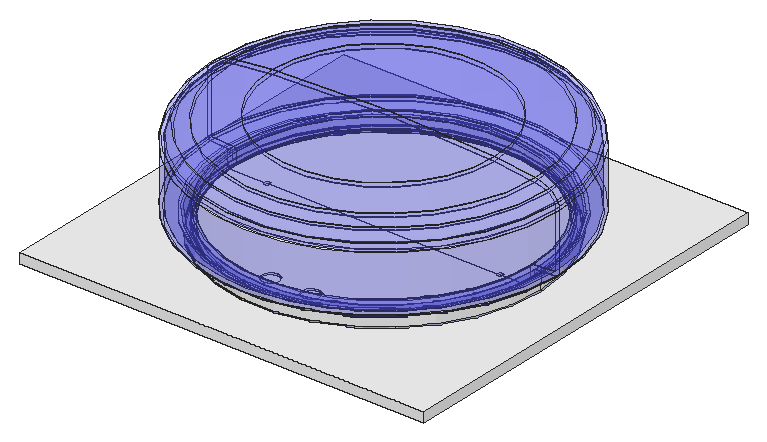
Revit family "BE_50032_de_DE", category Leuchten, Revit 2020
Family settings
  Basisbauteil = Fläche
  Bemaßung runder Anschluss = Durchmesser verwenden
  Teiletyp = Normal
  Beim Laden mit Abzugskörper schneiden = Ja
  Lichtquelle = Ja
  Gemeinsam genutzt = Nein
  Raumberechnungspunkt = Ja
Parameters (values of type "BEGA_50032_K4")
  built-in parameter 1150104 = 11.604 (stored number, unit not read)
  Wattage = 26.9 W
  Default Elevation = 0 mm
  built-in parameter 1150113 = 1 (stored number, unit not read)
  built-in parameter 1114218 = 1 (stored number, unit not read)
  Umgebungstemperatur = "25 °C"
  URL = "https://www.bega.com/de/produkt/50032"
  Typenkommentare = "© 2022 BEGA. Wir behalten uns das Recht vor, technische Änderungen ohne vorherige Ankündigung vorzunehmen."  # constant formula
  built-in parameter 1150134 = (empty or 0)
  built-in parameter 1150109 = 1 (stored number, unit not read)
  Strom = ""
  built-in parameter 1150110 = 1 (stored number, unit not read)
  Spannung = 239.996 V
  Sonderanfertigung = no
  Seriennummer [instance] = "Hier können Sie die eindeutige Seriennummer für das Facility Management eintragen."
  Schutzklasse = "I"
  Schutzart = "IP 20"
  Scheinlast = 0 VA
  Produktdatenblatt = "http://www.bega.de/download/Xrfa/db/50032.db.de.pdf"
  Oberflächentemperatur = ""
  Neigungswinkel = 0.00°
  Model = "50032K2"
  Material_17 = BEGA_Reflektor
  Material_15 = BEGA_Leuchtmedium_matt
  Material_11 = BEGA_Glas_opal
  Material_09 = BEGA_Glas_klar
  Material_06 = BEGA_Oberfläche_Edelstahl_gebürstet
  Material_03 = BEGA_Oberfläche_Weiss_matt
  Material_02 = BEGA_Oberfläche_Silber_matt
  Material_01 [instance] = BEGA_Oberfläche_Grafit_matt
  M_W = no
  M_G = no
  M_A = no
  Logo = 0
  built-in parameter 1114217 = 1 (stored number, unit not read)
  built-in parameter 1150139 = (empty or 0)
  built-in parameter 1150105 = 766.64 (stored number, unit not read)
  built-in parameter 1150114 = 1 (stored number, unit not read)
  Lumens = 3359.81 lm
  built-in parameter 1150115 = 1 (stored number, unit not read)
  Leuchtenlichtstrom = "2193 lm"
  Leuchtenanzahl = ""
  Lebensdauerkriterien = "L70B50 @ 25 °C = 121000 h"
  Lastklassifizierung = Beleuchtung
  built-in parameter 1150112 = 1 (stored number, unit not read)
  Lampenlichtstrom = "3360 lm"
  Lamp = "LED 26.9 W"
  LED_Modulbezeichnung = "LED-0510/927"
  Hersteller = "BEGA"  # constant formula
  Halbstreuwinkel = ""
  Gewicht = "3.25 kg"
  Gebrauchslageneinschränkung [instance] = ""
  Frequenz = "0/50-60 Hz"
  Farbwiedergabeindex = "CRI > 90"
  Farbtemperaturverschiebung bei Dämpfen der Lampe = <Keine Auswahl>
  Farbtemperatur = "2700 K"
  Color Filter = 16777215
  built-in parameter 1150133 = 10 (stored number, unit not read)
  Energieeffizienzklasse = "LED A++ - A"
  built-in parameter 1150137 = (empty or 0)
  built-in parameter 1150132 = (empty or 0)
  ENEC = "ja"
  Dimmbar [instance] = ""
  Photometric Web File = "BE_50032K2.IES"
  CE_Konformität = "ja"
  Bestellnummer = "50032K2"
  Beschreibung_Sonderanfertigung = "Hier können Sie Informationen zur Sonderanfertigung eintragen."
  Beschreibung = "Decken- und Wandleuchte"
  built-in parameter 1150106 = 7.6664 (stored number, unit not read)
  Befestigungsbohrung = "Ø 5,5 mm"
  Befestigungsabstand = "230 mm"
  Ballwurfsicher = ""
  BEGA_Intern_aus = yes
  BEGA_Intern_an = yes
  BEGA_Intern_Konstruktion = yes
  BEGA_Intern = yes
  BEGA_IES = yes
  BEGA_Dummy = no
  Anschlussleitung = ""
  Anschlussleistung [instance] = "31.6 W"
  Anschlusskasten = ""
  built-in parameter 1150107 = 2700 (stored number, unit not read)
  built-in parameter 1150102 = (empty or 0)
  built-in parameter 1150138 = (empty or 0)
  Aktualisierung = "2020-05-11T04:00:10"
  Abstand_zur_angestrahlten_Fläche [instance] = ""
  AC/DC = "AC/DC"
Types (3, lengths in mm): name | built-in parameter 1150104 | built-in parameter 1150134 | Model | built-in parameter 1150105 | Lumens | Leuchtenlichtstrom | Lampenlichtstrom | LED_Modulbezeichnung | Farbtemperatur | Photometric Web File | Bestellnummer | built-in parameter 1150106 | built-in parameter 1150107
  BEGA_50032_K4 | 12.124 (stored number, unit not read) | 12 | "50032K4" | 279.35 (stored number, unit not read) | 3510.45 lm | "2700 lm" | "4135 lm" | "LED-0510/940" | "4000 K" | "BE_50032K4.IES" | "50032K4" | 2.7935 (stored number, unit not read) | 4000 (stored number, unit not read)
  BEGA_50032_K3 | 11.687 (stored number, unit not read) | (empty or 0) | "50032K3" | 772.2 (stored number, unit not read) | 3384.02 lm | "2592 lm" | "3970 lm" | "LED-0510/930" | "3000 K" | "BE_50032K3.IES" | "50032K3" | 7.722 (stored number, unit not read) | 3000 (stored number, unit not read)
  BEGA_50032_K27 | 12.124 (stored number, unit not read) | 12 | "50032K27" | 279.35 (stored number, unit not read) | 3510.45 lm | "2510 lm" | "3845 lm" | "LED-0510/927" | "2700 K" | "BE_50032K27.IES" | "50032K27" | 2.7935 (stored number, unit not read) | 4000 (stored number, unit not read)
Reference planes
  plane 1 "Mitte (Vorne/Hinten)": y = 0
  plane 2: z = 0
  plane 3 "Mitte (Links/Rechts)": x = 0
  plane 4 "Links": x = -174
  plane 5 "Rechts": x = 174
  plane 6 "Unten": y = -174
  plane 7 "Oben": y = 174
  plane 8 "Vorne": z = 109.9
  plane 9 "Hinten": z = 0
Forms (mm)
  Extrusion 1, solid, material "BEGA_Platte_Weiss"
    sketch origin (0, -1119.2, 0) x (1, 0, 0) y (0, 1, 0)
      loop
        line (-200, 1319.2) -> (-200, 919.2) -> (200, 919.2) -> (200, 1319.2) -> (-200, 1319.2)
    from 0 to -10
  Extrusion 2, solid, material "BEGA_Dummy_matt", visible <- "BEGA_Dummy"
    sketch origin (77.149, -76.023, 0) x (1, 0, 0) y (0, 1, 0)
      loop
        circle (-77.149, 76.023) r 174.001
    from 0 to 109.9
Dimensions and locks
  plane 1 "Mitte (Vorne/Hinten)" to Extrusion 1 = 200 mm
  aligned and locked: plane 2 to Extrusion 1
  aligned and locked: level to Extrusion 1
Nested families
  nested 1: "BE_50032" at (0, 0, 0) x (0, -1, 0) z (0, 0, 1), type "BE_50032"
Connectors
  electrical at (0, 0, 0), driven by "Lastklassifizierung", driven by "Spannung", driven by "Scheinlast"
    settings: index 1, voltage 239.996 V, apparent load 0 VA, apparent load phase1 0 VA, apparent load phase2 0 VA, apparent load phase3 0 VA, power factor 1, load classification "Beleuchtung", number of poles 1, system type 31, power factor state 1, is connector primary yes, connector utility no, sub classification motor no, connector description ""
Definition of nested family "BE_50032"
  Parameters (values of type "BE_50032")
    Default Elevation = 1 mm
    URL = "http://www.bega.de/de/produkt"
    Type Comments = "© 2015 BEGA. Wir behalten uns das Recht vor, technische Änderungen ohne vorherige Ankündigung vorzunehmen. "  # constant formula
    Type Image = (empty or 0)
    Neigungswinkel_um_Z2 = 0.00°
    Neigungswinkel_um_Z1 = 0.00°
    Neigungswinkel_um_Y2 = 0.00°
    Neigungswinkel_um_Y1 = 0.00°
    Neigungswinkel_um_X2 = 0.00°
    Neigungswinkel_um_X1 = 0.00°
    Material_17 = none
    Material_15 = none
    Material_11 = none
    Material_09 = none
    Material_06 = none
    Material_05 = none
    Material_03 = none
    Material_02 = none
    Material_01 = none
    M_W = yes
    M_G = yes
    M_A = yes
    Länge_Platte = 400 mm  # constant formula
    Höhe_Platte = -10 mm  # constant formula
    Manufacturer = "BEGA"  # constant formula
    Drehwinkel_um_Z2 = 0.00°
    Drehwinkel_um_Z1 = 0.00°
    Breite_Platte = 400 mm  # constant formula
  Reference planes
    plane 1 "Mitte (Oben/Unten)": y = 0
    plane 2: z = 0
    plane 3 "Mitte (Links/Rechts)": x = 0
    plane 4: y = 174
    plane 5: z = 109.9
    plane 6: y = -174
    plane 7: x = -174
    plane 8: x = 174
  Forms (mm)
    Extrusion 1, solid, detail levels medium
      sketch origin (0, 0, 0) x (1, 0, 0) y (0, 1, 0)
        loop
          line (-200, 200) -> (-200, -200) -> (200, -200) -> (200, 200) -> (-200, 200)
      from 0 to -10 <- "Höhe_Platte"
    Revolve 2, solid, material <- "Material_03", detail levels medium+fine
      sketch origin (0, 0, 0) x (0, 1, 0) y (0, 0, 1)
        loop
          line (159, 19.8) -> (159, 20.8) -> (156.831, 20.8)
          arc (156.831, 20.8) -> (155.563, 20.284) -> (155.024, 19.025) r 1.8
          line (155.024, 19.025) -> (154.767, 4.283)
          arc (154.767, 4.283) -> (154.468, 3.587) -> (153.767, 3.3) r 1
          line (153.767, 3.3) -> (0, 3.3) -> (0, 2.3) -> (153.767, 2.3)
          arc (153.767, 2.3) -> (155.169, 2.873) -> (155.767, 4.265) r 2
          line (155.767, 4.265) -> (156.024, 19.01)
          arc (156.024, 19.01) -> (156.264, 19.571) -> (156.829, 19.8) r 0.8
          line (156.829, 19.8) -> (159, 19.8)
        axis (0, 2.3) -> (0, 20.8)
      angle from 0 to 360
    Revolve 3, solid, material <- "Material_03", detail levels medium+fine
      sketch origin (0, 0, 0) x (0, 1, 0) y (0, 0, 1)
        loop
          arc (124.13, 1.943) -> (124.474, 2.206) -> (124.896, 2.3) r 1
          line (124.896, 2.3) -> (125.896, 3.3) -> (117.75, 3.3) -> (117.75, 0) -> (121.108, 0)
          arc (121.108, 0) -> (122.369, 0.281) -> (123.395, 1.067) r 3
          line (123.395, 1.067) -> (124.13, 1.943)
        axis (115, 3.3) -> (115, 0)
      angle from 0 to 360
    Extrusion 4, void
      sketch origin (0, 0, 0) x (1, 0, 0) y (0, 1, 0)
        loop
          circle (115, 20) r 8.5
        loop
          circle (0, 115) r 2.75
        loop
          circle (0, -115) r 2.75
        loop
          circle (115, -20) r 8.5
      from 0 to 7.205
    Revolve 5, solid, material <- "Material_11", detail levels medium+fine
      sketch origin (0, 0, 0) x (0, 1, 0) y (0, 0, 1)
        loop
          arc (150.036, 101.343) -> (130.076, 104.141) -> (110.006, 106.001) r 430
          arc (110.006, 106.001) -> (55.038, 108.925) -> (0, 109.9) r 1553.99
          line (0, 109.9) -> (0, 105.9)
          arc (0, 105.9) -> (54.9, 104.927) -> (109.731, 102.01) r 1549.989
          arc (109.731, 102.01) -> (129.596, 100.17) -> (149.352, 97.401) r 426
          arc (149.352, 97.401) -> (156.196, 95.732) -> (162.704, 93.037) r 46
          arc (162.704, 93.037) -> (166.507, 90.109) -> (168.988, 86) r 13
          arc (168.988, 86) -> (169.743, 83.257) -> (170, 80.424) r 16
          line (170, 80.424) -> (170, 25.506) -> (148.791, 24.394)
          arc (148.791, 24.394) -> (146.425, 23.461) -> (145.1, 21.289) r 4
          line (145.1, 21.289) -> (145.1, 11.074)
          arc (145.1, 11.074) -> (145.5, 9.577) -> (146.592, 8.479) r 3.001
          line (146.592, 8.479) -> (148.263, 7.514)
          arc (148.263, 7.514) -> (149.358, 6.407) -> (149.75, 4.9) r 3.002
          line (149.75, 4.9) -> (153.75, 4.9) -> (153.75, 8.384)
          arc (153.75, 8.384) -> (153.617, 8.887) -> (153.25, 9.256) r 1
          line (153.25, 9.256) -> (149.499, 11.421)
          arc (149.499, 11.421) -> (149.133, 11.787) -> (148.999, 12.287) r 1
          line (148.999, 12.287) -> (149, 19.451)
          arc (149, 19.451) -> (149.272, 20.136) -> (149.94, 20.449) r 1
          line (149.94, 20.449) -> (171.157, 21.561)
          arc (171.157, 21.561) -> (173.176, 22.492) -> (174, 24.557) r 3
          line (174, 24.557) -> (174, 80.418)
          arc (174, 80.418) -> (173.68, 83.965) -> (172.735, 87.4) r 20
          arc (172.735, 87.4) -> (169.48, 92.785) -> (164.489, 96.617) r 17
          arc (164.489, 96.617) -> (157.443, 99.532) -> (150.036, 101.343) r 50
        axis (0, 109.9) -> (0, 4.9)
      angle from 0 to 360
    Revolve 6, solid, material <- "Material_03", detail levels medium+fine
      sketch origin (0, 0, 0) x (0, -1, 0) y (0, 0, 1)
        loop
          arc (124.13, 1.943) -> (124.474, 2.206) -> (124.896, 2.3) r 1
          line (124.896, 2.3) -> (125.896, 3.3) -> (117.75, 3.3) -> (117.75, 0) -> (121.108, 0)
          arc (121.108, 0) -> (122.369, 0.281) -> (123.395, 1.067) r 3
          line (123.395, 1.067) -> (124.13, 1.943)
        axis (115, 3.3) -> (115, 0)
      angle from 0 to 360
  Cuts and joins
    Extrusion 4 cuts Revolve 2
    Extrusion 4 cuts Revolve 3
    joined: Revolve 2, Revolve 3, Revolve 6
  Dimensions and locks
    equal spacing: Extrusion 1 sketch curve, plane 3 "Mitte (Links/Rechts)", Extrusion 1 sketch curve
    equal spacing: Extrusion 1 sketch curve, plane 1 "Mitte (Oben/Unten)", Extrusion 1 sketch curve
    "Länge_Platte": Extrusion 1 sketch curve to Extrusion 1 sketch curve
    "Breite_Platte": Extrusion 1 sketch curve to Extrusion 1 sketch curve
    aligned and locked: plane 2 to Extrusion 1
    aligned and locked: level to Extrusion 1
  Automatic sketch dimensions
    Revolve 2 sketch curve to Revolve 2 sketch curve = 0 mm  (x10)
    Revolve 2 sketch curve to plane 1 "Mitte (Oben/Unten)" = 0 mm  (x2)
    level to Revolve 2 sketch curve = 4.3 mm
    level to Revolve 2 sketch curve = 4.283 mm
    Revolve 2 sketch curve to Revolve 2 sketch curve = 1 mm  (x4)
    Revolve 2 sketch curve to Revolve 2 sketch curve = 0.257 mm
    level to Revolve 2 sketch curve = 4.265 mm
    Revolve 2 sketch curve to Revolve 2 sketch curve = 0.8 mm
    Revolve 2 sketch curve to Revolve 2 sketch curve = 0.004 mm
    Revolve 2 sketch curve to Revolve 2 sketch curve = 0.002 mm
    Revolve 2 sketch curve to Revolve 2 sketch curve = 2.169 mm
    Revolve 2 sketch curve to Revolve 2 sketch curve = 14.735 mm
    Revolve 2 sketch curve to Revolve 2 sketch curve = 0.01 mm
    Revolve 2 sketch curve to Revolve 2 sketch curve = 0.015 mm
    Revolve 2 sketch curve to Revolve 2 sketch curve = 4 mm
    Revolve 3 sketch curve to level = 0 mm
    level to Revolve 3 sketch curve = 3.3 mm
    Revolve 3 sketch curve to Revolve 3 sketch curve = 3.351 mm
    Revolve 3 sketch curve to Revolve 3 sketch curve = 0.007 mm
    level to Revolve 3 sketch curve = 1.067 mm
    level to Revolve 3 sketch curve = 1.3 mm
    Revolve 3 sketch curve to Revolve 3 sketch curve = 1 mm  (x2)
    Revolve 3 sketch curve to Revolve 3 sketch curve = 2.75 mm
    Revolve 3 sketch curve to Revolve 3 sketch curve = 0.766 mm
    Revolve 3 sketch curve to Revolve 3 sketch curve = 0 mm  (x3)
    Revolve 3 sketch curve to level = 2.001 mm
    Revolve 3 sketch curve to Revolve 3 sketch curve = 2 mm
    Revolve 6 sketch curve to level = 0 mm
    Revolve 6 sketch curve to level = 3.3 mm
    Revolve 6 sketch curve to Revolve 6 sketch curve = 3.351 mm
    Revolve 6 sketch curve to Revolve 6 sketch curve = 0.007 mm
    Revolve 6 sketch curve to level = 1.067 mm
    Revolve 6 sketch curve to level = 1.3 mm
    Revolve 6 sketch curve to Revolve 6 sketch curve = 1 mm  (x2)
    Revolve 6 sketch curve to Revolve 6 sketch curve = 2.75 mm
    Revolve 6 sketch curve to Revolve 6 sketch curve = 0.766 mm
    Revolve 6 sketch curve to Revolve 6 sketch curve = 0 mm  (x3)
    level to Revolve 6 sketch curve = 2.001 mm
    Revolve 6 sketch curve to Revolve 6 sketch curve = 2 mm
    Extrusion 4 sketch curve to plane 3 "Mitte (Links/Rechts)" = 0 mm  (x2)
    plane 1 "Mitte (Oben/Unten)" to Extrusion 4 sketch curve = 20 mm
    Extrusion 4 sketch curve to plane 1 "Mitte (Oben/Unten)" = 20 mm
    Revolve 5 sketch curve to Revolve 5 sketch curve = 0 mm  (x33)
    plane 1 "Mitte (Oben/Unten)" to Revolve 5 sketch curve = 0.01 mm
    plane 1 "Mitte (Oben/Unten)" to Revolve 5 sketch curve = 0 mm
    level to Revolve 5 sketch curve = 8.479 mm
    Revolve 5 sketch curve to Revolve 5 sketch curve = 1.492 mm
    Revolve 5 sketch curve to Revolve 5 sketch curve = 0.156 mm
    Revolve 5 sketch curve to Revolve 5 sketch curve = 1.509 mm
    level to Revolve 5 sketch curve = 7.514 mm
    Revolve 5 sketch curve to Revolve 5 sketch curve = 1.671 mm
    Revolve 5 sketch curve to Revolve 5 sketch curve = 3.9 mm
    level to Revolve 5 sketch curve = 11.421 mm
    Revolve 5 sketch curve to Revolve 5 sketch curve = 1.397 mm
    Revolve 5 sketch curve to Revolve 5 sketch curve = 3.001 mm
    Revolve 5 sketch curve to Revolve 5 sketch curve = 0.94 mm
    Revolve 5 sketch curve to Revolve 5 sketch curve = 1 mm  (x3)
    Revolve 5 sketch curve to Revolve 5 sketch curve = 0.501 mm
    Revolve 5 sketch curve to Revolve 5 sketch curve = 3.251 mm
    Revolve 5 sketch curve to Revolve 5 sketch curve = 2.81 mm
    Revolve 5 sketch curve to Revolve 5 sketch curve = 20.06 mm
    Revolve 5 sketch curve to Revolve 5 sketch curve = 4 mm  (x2)
    Revolve 5 sketch curve to Revolve 5 sketch curve = 2.591 mm
    Revolve 5 sketch curve to level = 322.977 mm
    Revolve 5 sketch curve to Revolve 5 sketch curve = 1121.112 mm
    Revolve 5 sketch curve to Revolve 5 sketch curve = 0.001 mm
    Revolve 5 sketch curve to Revolve 5 sketch curve = 3.485 mm
    Revolve 5 sketch curve to Revolve 5 sketch curve = 0.005 mm
    Revolve 5 sketch curve to Revolve 5 sketch curve = 0.348 mm
    Revolve 5 sketch curve to Revolve 5 sketch curve = 0.866 mm
    Revolve 5 sketch curve to Revolve 5 sketch curve = 7.164 mm
    Revolve 5 sketch curve to Revolve 5 sketch curve = 0.049 mm
    Revolve 5 sketch curve to Revolve 5 sketch curve = 0.889 mm
    Revolve 5 sketch curve to Revolve 5 sketch curve = 4.108 mm
    Revolve 5 sketch curve to Revolve 5 sketch curve = 0.949 mm
    Revolve 5 sketch curve to Revolve 5 sketch curve = 28.392 mm
    Revolve 5 sketch curve to Revolve 5 sketch curve = 0.006 mm
    Revolve 5 sketch curve to Revolve 5 sketch curve = 1.05 mm
    Revolve 5 sketch curve to Revolve 5 sketch curve = 0.275 mm
    Revolve 5 sketch curve to Revolve 5 sketch curve = 0.209 mm
    Revolve 5 sketch curve to Revolve 5 sketch curve = 0.5 mm  (x2)
    Revolve 5 sketch curve to Revolve 5 sketch curve = 0.683 mm
    level to Revolve 5 sketch curve = 9.256 mm
    Revolve 5 sketch curve to Revolve 5 sketch curve = 5.894 mm
    Revolve 5 sketch curve to Revolve 5 sketch curve = 1.785 mm
    Revolve 5 sketch curve to Revolve 5 sketch curve = 1.012 mm
    Revolve 5 sketch curve to Revolve 5 sketch curve = 0.157 mm
    level to Revolve 5 sketch curve = 21.561 mm
    Revolve 5 sketch curve to Revolve 5 sketch curve = 3.747 mm
    Revolve 5 sketch curve to Revolve 5 sketch curve = 27.614 mm
    Revolve 5 sketch curve to Revolve 5 sketch curve = 1.032 mm
    level to Revolve 5 sketch curve = 105.9 mm
    Revolve 5 sketch curve to Revolve 5 sketch curve = 13.352 mm
    Revolve 5 sketch curve to Revolve 5 sketch curve = 40 mm
    plane 3 "Mitte (Links/Rechts)" to Extrusion 4 sketch curve = 115 mm
    Extrusion 4 sketch curve to Extrusion 4 sketch curve = 0 mm
    plane 4 to Revolve 2 sketch curve = 20.233 mm
    plane 4 to Revolve 3 sketch curve = 56.25 mm
    Revolve 3 sketch curve to Revolve 3 sketch curve = 2.287 mm
    Revolve 3 sketch curve to Revolve 3 sketch curve = 1.501 mm
    plane 4 to Extrusion 4 sketch curve = 59 mm
    Revolve 5 sketch curve to plane 4 = 0 mm
    Revolve 5 sketch curve to plane 1 "Mitte (Oben/Unten)" = 80.374 mm
    Revolve 5 sketch curve to Revolve 5 sketch curve = 6.887 mm
    Revolve 5 sketch curve to Revolve 5 sketch curve = 14.988 mm
    plane 5 to Revolve 5 sketch curve = 7.89 mm
    plane 6 to Extrusion 4 sketch curve = 59 mm
    Revolve 6 sketch curve to plane 6 = 56.25 mm
    Revolve 6 sketch curve to Revolve 6 sketch curve = 2.287 mm
    Revolve 6 sketch curve to Revolve 6 sketch curve = 1.501 mm
    radius of Extrusion 4 sketch curve = 8.5 mm  (x2)
    radius of Extrusion 4 sketch curve = 2.75 mm  (x2)
